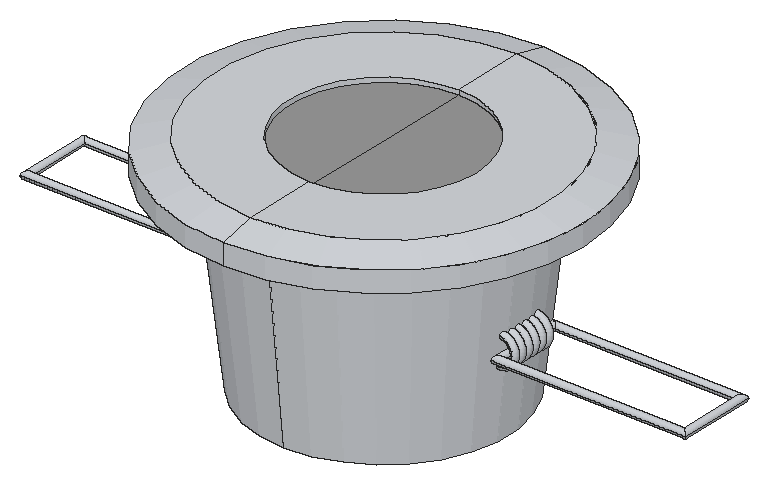
Revit family "0005363-3000K", category Lighting Fixtures, host Face, Revit 2018
Family settings
  Host = Face
  Round Connector Dimension = Use Diameter
  Part Type = Normal
  OmniClass Number = 23.80.70.00
  OmniClass Title = Lighting
  Cut with Voids When Loaded = No
  Light Source = Yes
  Shared = No
  Room Calculation Point = No
Parameters (values of type "0005363 OBICO 68 IP65 550LM 3CCT DIM ADJ WHT")
  Weight = "n/a"
  Wattage Comments = ""
  Wattage = 159.577 W
  WarrantyStartDate [instance] = "n/a"
  WarrantyGuarantorParts = "n/a"
  WarrantyDurationUnit = "n/a"
  WarrantyDurationParts = ""
  WarrantyDescription = "http://www.sylvania-lighting.com"
  built-in parameter 1150110 = 1 (stored number, unit not read)
  Voltage = 0 V
  URL = "0.8"
  TypeName = "OBICO 68 IP65 550lm 3CCT DIM ADJ WHITE"
  Type Image = <None>
  Type Comments = "n/a"
  built-in parameter 1114217 = 1 (stored number, unit not read)
  Tilt Angle = -90.00°
  built-in parameter 1150109 = 1 (stored number, unit not read)
  built-in parameter 1150134 = 12
  built-in parameter 1150113 = 1 (stored number, unit not read)
  SerialNumber [instance] = "n/a"
  Photometric Web File = "0005363-2700K.ies"
  Material_3_SYL = none
  PowerFactor = 0.9
  PowerConsumption = "Lighting"
  NominalLength = 117 mm
  NominalHeight = 54 mm
  NominalDepth = 96 mm
  Name = "OBICO 68 IP65 550lm 3CCT DIM ADJ WHITE"
  ModelReference = Name  # "OBICO 68 IP65 550lm 3CCT DIM ADJ WHITE"
  ModelNumber = "0005363"
  Model = Name  # "OBICO 68 IP65 550lm 3CCT DIM ADJ WHITE"
  Material = "Feilo Sylvania"
  ManufacturerName = "102 lm/W"
  Manufacturer = ""
  LuminousEfficacy = ""
  built-in parameter 1150105 = 19297.2 (stored number, unit not read)
  Lumens = 13404.5 lm
  LuminaireType = "0"
  built-in parameter 1150115 = 1 (stored number, unit not read)
  LightOutputRatio = "LED"
  built-in parameter 1150137 = (empty or 0)
  built-in parameter 1150139 = (empty or 0)
  LampsType = Lamp  # "n/a"
  LampNominalLuminous = "3000 K"
  LampMacAdamStep = "90"
  LampColourTemperature = "LED"
  LampColourRenderingIndex = "16500"
  built-in parameter 1150112 = 1 (stored number, unit not read)
  built-in parameter 1150114 = 1 (stored number, unit not read)
  Lamp = "n/a"
  Keynote = "n/a"
  InstallationDate [instance] = "n/a"
  InputVoltage = "0"
  InputNominalFrequency = "3000"
  built-in parameter 1150132 = (empty or 0)
  built-in parameter 1150102 = (empty or 0)
  built-in parameter 1150107 = 4000 (stored number, unit not read)
  built-in parameter 1150138 = (empty or 0)
  IngressProtection = "IfcLightFixtureType"
  ImpactProtectionIndex = "IfcLightFixtureType"
  built-in parameter 1150106 = 192.97 (stored number, unit not read)
  IfcExportType = "IfcLightFixtureType"
  IfcExportAs = "Class II"
  Emit from Circle Diameter = 609.6 mm
  Emit Shape Visible in Rendering = no
  ElectricShockClassification = "102"
  built-in parameter 1150104 = 7.8039 (stored number, unit not read)
  DocumentationLiterature = "http://www.sylvania-lighting.com/product/en-int/products/0005363"
  DimmingControlOptions = "n/a"
  Material_2_SYL = none
  Dimming Lamp Color Temperature Shift = <None>
  Description = "OBICO 68 IP65 550lm 3CCT DIM ADJ WHITE"
  Default Elevation = 1219.2 mm
  CreatedOn = "27/07/2022"
  CreatedBy = "@sylvania-lighting.com"
  Cost = 0
  Color Filter = 16777215
  built-in parameter 1114216 [instance] = (empty or 0)
  ClassificationValue = "EF_70_80"
  ClassificationName = "Uniclass2015"
  Material_1_SYL = Default
  BarCode [instance] = "n/a"
  built-in parameter 1114218 = 1 (stored number, unit not read)
  built-in parameter 1150133 = 10 (stored number, unit not read)
  AssetType = "Fixed"
  AssetIdentifier [instance] = "n/a"
  Assembly Code = "D5020200"
  Apparent Load = 5.4 VA
  Material_4_SYL = none
Reference planes
  plane 1 "Center (Front/Back)": y = 0
  plane 2: z = 0
  plane 3 "Center (Left/Right)": x = 0
  plane 4: y = -48
  plane 5: y = 48
  plane 6: z = 7
  plane 7: z = -4
  plane 8: z = -47
  plane 9: y = 40
  plane 10: y = -40
  plane 11: y = 30
  plane 12: y = -30
  plane 13: y = -35
  plane 14: y = 35
  plane 15: z = 5
  plane 16: y = 22.5
  plane 17: z = 6
Forms (mm)
  Revolve 1, solid, detail levels medium+fine
    sketch origin (0.25, 1524, 1219.2) x (0, 1, 0) y (0, 0, 1)
      loop
        line (-1524, -1214.2) -> (-1524, -1266.2) -> (-1494, -1266.2) -> (-1489, -1223.2) -> (-1489, -1219.2) -> (-1476, -1219.2) -> (-1476, -1214.2) -> (-1484, -1212.2) -> (-1501.5, -1212.2) -> (-1501.5, -1214.2) -> (-1524, -1214.2)
      axis (-1524, -1266.2) -> (-1524, -1212.2)
    angle from 360 to 0
  Revolve 2, solid, material "Glass, White, High Luminance"
    sketch origin (0.25, 1524, 1219.2) x (0, 1, 0) y (0, 0, 1)
      loop
        line (-1501.5, -1213.2) -> (-1524, -1213.2) -> (-1524, -1214.2) -> (-1501.5, -1214.2) -> (-1501.5, -1213.2)
      axis (-1524, -1214.2) -> (-1524, -1213.2)
    angle from 360 to 0
  Sweep 3, solid, detail levels fine
    path origin (-4.117, 0.46, 7.176) x (1, 0, 0) y (0, 1, 0)
      loop
        line (-75, 8.5) -> (-75, -8.5) -> (-30, -8.5) -> (-30, 8.5) -> (-75, 8.5)
    profile origin (-56.617, 8.96, 7.176) x (0, 1, 0) y (0, 0, 1)
      loop
        circle (0, -33.041) r 0.899
  Revolve 4, solid, detail levels fine
    sketch origin (-32.259, 1523.987, 1226.512) x (0, 1, 0) y (0, 0, 1)
      loop
        circle (-1518.723, -1248.745) r 0.801
      loop
        circle (-1520.733, -1248.823) r 0.801
      loop
        circle (-1522.743, -1248.823) r 0.801
      loop
        circle (-1524.772, -1248.823) r 0.801
      loop
        circle (-1526.817, -1248.823) r 0.801
      loop
        circle (-1528.846, -1248.823) r 0.801
      axis (-1529.647, -1252.2) -> (-1517.923, -1252.2)
    angle from -29.09 to 193.564
  Sweep 5, solid, detail levels fine
    path origin (4.117, 0.46, 7.176) x (-1, 0, 0) y (0, -1, 0)
      loop
        line (-75, -8.5) -> (-30, -8.5) -> (-30, 8.5) -> (-75, 8.5) -> (-75, -8.5)
    profile origin (56.617, 8.96, 7.176) x (0, -1, 0) y (0, 0, 1)
      loop
        circle (0, -33.041) r 0.899
  Revolve 6, solid, detail levels fine
    sketch origin (32.259, 1523.987, 1226.512) x (0, 1, 0) y (0, 0, -1)
      loop
        circle (-1518.723, 1248.745) r 0.801
      loop
        circle (-1520.733, 1248.823) r 0.801
      loop
        circle (-1522.743, 1248.823) r 0.801
      loop
        circle (-1524.772, 1248.823) r 0.801
      loop
        circle (-1526.817, 1248.823) r 0.801
      loop
        circle (-1528.846, 1248.823) r 0.801
      axis (-1529.647, 1252.2) -> (-1517.923, 1252.2)
    angle from -29.09 to 193.564
  Extrusion 7, solid, detail levels coarse
    sketch origin (1524, -324.9, 1219.2) x (1, 0, 0) y (0, 0, 1)
      loop
        line (-1444, -1266.2) -> (-1444, -1212.2) -> (-1604.074, -1212.2) -> (-1604.074, -1266.2) -> (-1444, -1266.2)
    from -372.9 to -276.9
Dimensions and locks
  aligned and locked: plane 2 to host face
  aligned and locked: level to host face
  aligned and locked: Revolve 2 sketch curve to plane 17
  aligned and locked: Revolve 2 sketch curve to plane 16
  aligned and locked: Revolve 2 sketch curve to Revolve 1
  aligned and locked: plane 1 "Center (Front/Back)" to Revolve 2 sketch curve
Connectors
  electrical at (0.25, -30, -47)
    settings: on Revolve 1, index 1, voltage 0 V, apparent load 0 VA, apparent load phase1 0 VA, apparent load phase2 0 VA, apparent load phase3 0 VA, power factor 1, load classification "Other", number of poles 1, system type 31, power factor state 1, is connector primary yes, connector utility no, sub classification motor no, connector description ""
